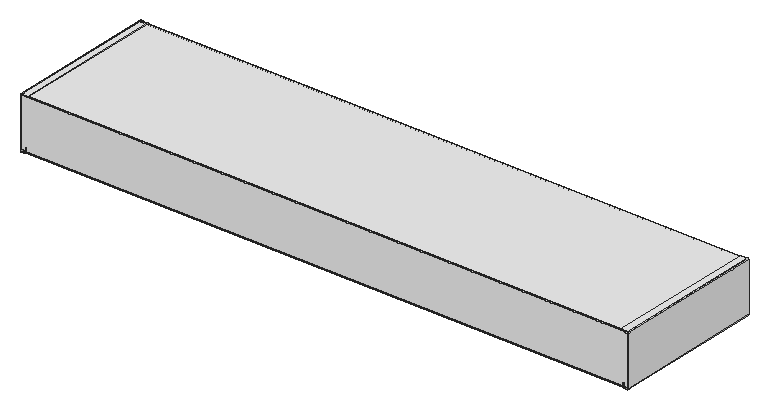
Revit family "LSTG 1x4", category Lighting Fixtures, host Ceiling, Revit 2019
Family settings
  Host = Ceiling
  Round Connector Dimension = Use Diameter
  Part Type = Normal
  OmniClass Number = 23.80.70.11.14.17
  OmniClass Title = Direct/Indirect
  Always vertical = Yes
  Cut with Voids When Loaded = No
  Light Source = Yes
  Shared = No
  Room Calculation Point = No
Parameters (values of type "LSTG1x4-LED840K040LUNV")
  Width = 0' - 11 3/4"
  Wattage = 34 W
  built-in parameter 1150110 = 1 (stored number, unit not read)
  Voltage = 120 V
  URL = "https://www.viscor.com/en/products/lstg"
  built-in parameter 1114217 = 0.9 (stored number, unit not read)
  Tilt Angle = 90.00°
  built-in parameter 1150109 = 1 (stored number, unit not read)
  built-in parameter 1150134 = 12
  built-in parameter 1150113 = 1 (stored number, unit not read)
  Reflector Width = Width / 2  # 0' - 5 7/8"
  Photometric Web File = "LSTG1x4-LED840K040LUNV.IES"
  Model = "LSTG"  # constant formula
  Manufacturer = "VISIONEERING by VISCOR"  # constant formula
  Lumens = 4012 lm
  built-in parameter 1150115 = 1 (stored number, unit not read)
  built-in parameter 1150105 = 319.26 (stored number, unit not read)
  built-in parameter 1150137 = (empty or 0)
  built-in parameter 1150139 = (empty or 0)
  Lens Finish = Acrylic - Viscor - Impact Resistant Frosted White
  Length = 3' - 11 3/4"
  Lamp Wattage = 34 VA
  built-in parameter 1150112 = 1 (stored number, unit not read)
  built-in parameter 1150114 = 1 (stored number, unit not read)
  Lamp = "LED"  # constant formula
  built-in parameter 1150132 = (empty or 0)
  built-in parameter 1150102 = (empty or 0)
  built-in parameter 1150138 = (empty or 0)
  built-in parameter 1150107 = 4000 (stored number, unit not read)
  built-in parameter 1150106 = 3.1926 (stored number, unit not read)
  Housing Finish = Metal - Viscor - White
  Emit from Rectangle Width = Width  # 0' - 11 3/4"
  Emit from Rectangle Length = Length  # 3' - 11 3/4"
  Emit Shape Visible in Rendering = no
  built-in parameter 1150104 = 10.963 (stored number, unit not read)
  Dimming Lamp Color Temperature Shift = <None>
  Description = "LED Surface Type G"  # constant formula
  Color Filter = 16777215
  built-in parameter 1114218 = 1 (stored number, unit not read)
  built-in parameter 1150133 = 10 (stored number, unit not read)
  Assembly Code = "D5020200"
  Apparent Load = Lamp Wattage  # 34 VA
Reference planes (in)
  plane 1 "Light Source Axis (F/B)": y = 0
  plane 2 "Ceiling": z = 96
  plane 3 "Light Source Axis (L/R)": x = 0
  plane 4 "Light Source Elevation": z = 91.71875
  plane 5: y = 5.875
  plane 6: y = -5.875
  plane 7: x = -23.875
  plane 8: x = 23.875
  plane 9: x = -23.8125
  plane 10: x = 23.8125
  plane 11 "FixtureHeight": z = 91.845
  plane 12: x = -23.625
  plane 13: x = 23.625
  plane 14: y = 5.438
  plane 15: y = -5.438
  plane 16: x = -23.438
  plane 17: x = 23.438
Forms (in)
  Extrusion 1, solid, material "Metal - Viscor - White" <- "Housing Finish"
    sketch origin (0, 0, 0) x (1, 0, 0) y (0, 0, 1)
      loop
        line (-23.806, 91.845) -> (-23.507, 91.845)
        arc (-23.507, 91.845) -> (-23.45821, 91.86521) -> (-23.438, 91.914) r 0.069
        line (-23.438, 91.914) -> (-23.438, 92.189) -> (-23.46925, 92.189) -> (-23.46925, 91.914)
        arc (-23.46925, 91.914) -> (-23.48031, 91.88731) -> (-23.507, 91.87625) r 0.03775
        line (-23.507, 91.87625) -> (-23.806, 91.87625)
        arc (-23.806, 91.87625) -> (-23.83269, 91.88731) -> (-23.84375, 91.914) r 0.03775
        line (-23.84375, 91.914) -> (-23.84375, 95.838)
        arc (-23.84375, 95.838) -> (-23.83269, 95.86469) -> (-23.806, 95.87575) r 0.03775
        line (-23.806, 95.87575) -> (-23.25, 95.87575) -> (-23.25, 95.907) -> (-23.806, 95.907)
        arc (-23.806, 95.907) -> (-23.85479, 95.88679) -> (-23.875, 95.838) r 0.069
        line (-23.875, 95.838) -> (-23.875, 91.914)
        arc (-23.875, 91.914) -> (-23.85479, 91.86521) -> (-23.806, 91.845) r 0.069
    from -5.875 to 5.875
  Extrusion 2, solid, material "Metal - Viscor - White" <- "Housing Finish"
    sketch origin (0, 0, 0) x (-1, 0, 0) y (0, 0, -1)
      loop
        arc (-23.806, -91.845) -> (-23.85479, -91.86521) -> (-23.875, -91.914) r 0.069
        line (-23.875, -91.914) -> (-23.875, -95.838)
        arc (-23.875, -95.838) -> (-23.85479, -95.88679) -> (-23.806, -95.907) r 0.069
        line (-23.806, -95.907) -> (-23.25, -95.907) -> (-23.25, -95.87575) -> (-23.806, -95.87575)
        arc (-23.806, -95.87575) -> (-23.83269, -95.86469) -> (-23.84375, -95.838) r 0.03775
        line (-23.84375, -95.838) -> (-23.84375, -91.914)
        arc (-23.84375, -91.914) -> (-23.83269, -91.88731) -> (-23.806, -91.87625) r 0.03775
        line (-23.806, -91.87625) -> (-23.507, -91.87625)
        arc (-23.507, -91.87625) -> (-23.48031, -91.88731) -> (-23.46925, -91.914) r 0.03775
        line (-23.46925, -91.914) -> (-23.46925, -92.189) -> (-23.438, -92.189) -> (-23.438, -91.914)
        arc (-23.438, -91.914) -> (-23.45821, -91.86521) -> (-23.507, -91.845) r 0.069
        line (-23.507, -91.845) -> (-23.806, -91.845)
    from -5.875 to 5.875
  Extrusion 3, solid, material "Metal - Viscor - White" <- "Housing Finish"
    sketch origin (0, 0, 0) x (0, 1, 0) y (0, 0, 1)
      loop
        line (5.50687, 91.875) -> (5.80687, 91.875)
        arc (5.80687, 91.875) -> (5.85163, 91.89149) -> (5.875, 91.93306) r 0.069
        line (5.875, 91.93306) -> (5.875, 95.81694)
        arc (5.875, 95.81694) -> (5.85163, 95.85851) -> (5.80687, 95.875) r 0.069
        line (5.80687, 95.875) -> (-5.80513, 95.875)
        arc (-5.80513, 95.875) -> (-5.85392, 95.85479) -> (-5.87413, 95.806) r 0.069
        line (-5.87413, 95.806) -> (-5.875, 91.944)
        arc (-5.875, 91.944) -> (-5.85392, 91.89521) -> (-5.80513, 91.875) r 0.069
        line (-5.80513, 91.875) -> (-5.50513, 91.875)
        arc (-5.50513, 91.875) -> (-5.45634, 91.89521) -> (-5.43613, 91.944) r 0.069
        line (-5.43613, 91.944) -> (-5.43613, 92.616)
        arc (-5.43613, 92.616) -> (-5.4247, 92.64358) -> (-5.39713, 92.655) r 0.039
        line (-5.39713, 92.655) -> (-4.85013, 92.655) -> (-4.85013, 92.68625) -> (-5.39713, 92.68625)
        arc (-5.39713, 92.68625) -> (-5.4468, 92.66567) -> (-5.46738, 92.616) r 0.07025
        line (-5.46738, 92.616) -> (-5.46738, 91.944)
        arc (-5.46738, 91.944) -> (-5.47843, 91.91731) -> (-5.50513, 91.90625) r 0.03775
        line (-5.50513, 91.90625) -> (-5.80513, 91.90625)
        arc (-5.80513, 91.90625) -> (-5.83182, 91.91731) -> (-5.84288, 91.944) r 0.03775
        line (-5.84288, 91.944) -> (-5.84375, 95.80595)
        arc (-5.84375, 95.80595) -> (-5.83179, 95.83261) -> (-5.80513, 95.84365) r 0.0377
        line (-5.80513, 95.84365) -> (5.80666, 95.84365)
        arc (5.80666, 95.84365) -> (5.83318, 95.83267) -> (5.84417, 95.80615) r 0.0375
        line (5.84417, 95.80615) -> (5.84417, 91.94985)
        arc (5.84417, 91.94985) -> (5.83556, 91.91946) -> (5.80687, 91.90625) r 0.03775
        line (5.80687, 91.90625) -> (5.50687, 91.90625)
        arc (5.50687, 91.90625) -> (5.48018, 91.91731) -> (5.46912, 91.944) r 0.03775
        line (5.46912, 91.944) -> (5.46912, 92.616)
        arc (5.46912, 92.616) -> (5.44855, 92.66567) -> (5.39887, 92.68625) r 0.07025
        line (5.39887, 92.68625) -> (4.85188, 92.68625) -> (4.85188, 92.655) -> (5.39887, 92.655)
        arc (5.39887, 92.655) -> (5.42645, 92.64358) -> (5.43787, 92.616) r 0.039
        line (5.43787, 92.616) -> (5.43787, 91.944)
        arc (5.43787, 91.944) -> (5.45808, 91.89521) -> (5.50687, 91.875) r 0.069
    from -23.8125 to 23.8125
  Extrusion 4, solid, material "Metal - Viscor - White" <- "Housing Finish"
    sketch origin (0, 0, 91.845) x (0, 1, 0) y (-1, 0, 0)
      loop
        line (-5.3755, 23.3755) -> (-5.3755, -23.3755) -> (5.3755, -23.3755) -> (5.3755, 23.3755) -> (-5.3755, 23.3755)
      loop
        line (-4.8755, 22.8755) -> (-4.8755, -22.8755) -> (4.8755, -22.8755) -> (4.8755, 22.8755) -> (-4.8755, 22.8755)
    from 0 to 0.4375
  Extrusion 5, solid, material "Metal - Viscor - White" <- "Housing Finish"
    sketch origin (0, 0, 0) x (0, 1, 0) y (0, 0, 1)
      loop
        line (2.4138, 94.398) -> (1.62587, 94.398) -> (1.62587, 93.898) -> (-1.62413, 93.898) -> (-1.62413, 94.398) -> (-2.41206, 94.398) -> (-4.04209, 93.523) -> (-4.94213, 92.273) -> (-4.94213, 91.898) -> (4.94387, 91.898) -> (4.94387, 92.273) -> (4.04383, 93.523) -> (2.4138, 94.398)
    from -23.625 to -23.438
  Extrusion 6, solid, material "Metal - Viscor - White" <- "Housing Finish"
    sketch origin (0, 0, 0) x (0, 1, 0) y (0, 0, -1)
      loop
        line (2.4138, -94.398) -> (4.04383, -93.523) -> (4.94387, -92.273) -> (4.94387, -91.898) -> (-4.94213, -91.898) -> (-4.94213, -92.273) -> (-4.04209, -93.523) -> (-2.41206, -94.398) -> (-1.62413, -94.398) -> (-1.62413, -93.898) -> (1.62587, -93.898) -> (1.62587, -94.398) -> (2.4138, -94.398)
    from -23.625 to -23.438
  Extrusion 7, solid, material "Metal - Viscor - White" <- "Housing Finish"
    sketch origin (0, 0, 0) x (0, 1, 0) y (0, 0, 1)
      loop
        line (2.07587, 92.032) -> (2.39505, 92.032)
        arc (2.39505, 92.032) -> (2.43653, 92.04793) -> (2.45671, 92.08752) r 0.062
        line (2.45671, 92.08752) -> (2.52279, 92.71623)
        arc (2.52279, 92.71623) -> (2.50931, 92.76173) -> (2.46761, 92.78437) r 0.062
        line (2.46761, 92.78437) -> (2.23986, 92.80831)
        arc (2.23986, 92.80831) -> (2.20496, 92.84584) -> (2.23738, 92.88554) r 0.039
        line (2.23738, 92.88554) -> (2.46873, 92.92503) -> (2.46347, 92.95583) -> (2.23212, 92.91634)
        arc (2.23212, 92.91634) -> (2.17373, 92.84484) -> (2.2366, 92.77723) r 0.07025
        line (2.2366, 92.77723) -> (2.46434, 92.75329)
        arc (2.46434, 92.75329) -> (2.48502, 92.74206) -> (2.49171, 92.7195) r 0.03075
        line (2.49171, 92.7195) -> (2.42563, 92.09079)
        arc (2.42563, 92.09079) -> (2.41562, 92.07115) -> (2.39505, 92.06325) r 0.03075
        line (2.39505, 92.06325) -> (2.07587, 92.06325) -> (2.07587, 92.032)
    from -23.438 to 23.438
  Extrusion 8, solid, material "Metal - Viscor - White" <- "Housing Finish"
    sketch origin (0, 0, 0) x (0, -1, 0) y (0, 0, -1)
      loop
        line (2.07587, -92.032) -> (2.07587, -92.06325) -> (2.39505, -92.06325)
        arc (2.39505, -92.06325) -> (2.41562, -92.07115) -> (2.42563, -92.09079) r 0.03075
        line (2.42563, -92.09079) -> (2.49171, -92.7195)
        arc (2.49171, -92.7195) -> (2.48502, -92.74206) -> (2.46434, -92.75329) r 0.03075
        line (2.46434, -92.75329) -> (2.2366, -92.77723)
        arc (2.2366, -92.77723) -> (2.17373, -92.84484) -> (2.23212, -92.91634) r 0.07025
        line (2.23212, -92.91634) -> (2.46347, -92.95583) -> (2.46873, -92.92503) -> (2.23738, -92.88554)
        arc (2.23738, -92.88554) -> (2.20496, -92.84584) -> (2.23986, -92.80831) r 0.039
        line (2.23986, -92.80831) -> (2.46761, -92.78437)
        arc (2.46761, -92.78437) -> (2.50931, -92.76173) -> (2.52279, -92.71623) r 0.062
        line (2.52279, -92.71623) -> (2.45671, -92.08752)
        arc (2.45671, -92.08752) -> (2.43653, -92.04793) -> (2.39505, -92.032) r 0.062
        line (2.39505, -92.032) -> (2.07587, -92.032)
    from -23.438 to 23.438
  Extrusion 9, solid, material "Acrylic - Viscor - Impact Resistant Frosted White" <- "Lens Finish"
    sketch origin (0, 0, 0) x (0, 1, 0) y (0, 0, 1)
      loop
        line (2.23577, 92.85653) -> (5.16396, 91.96125) -> (5.17566, 91.9995) -> (2.24746, 92.89478) -> (2.23577, 92.85653)
    from -23.438 to 23.438
  Extrusion 10, solid, material "Acrylic - Viscor - Impact Resistant Frosted White" <- "Lens Finish"
    sketch origin (0, 0, 0) x (0, -1, 0) y (0, 0, -1)
      loop
        line (2.23577, -92.85653) -> (2.24746, -92.89478) -> (5.17566, -91.9995) -> (5.16396, -91.96125) -> (2.23577, -92.85653)
    from -23.438 to 23.438
  Extrusion 11, solid, material "Acrylic - Viscor - Impact Resistant Frosted White" <- "Lens Finish"
    sketch origin (0, 0, 0) x (0, 1, 0) y (0, 0, 1)
      loop
        line (2.37587, 92.062) -> (2.37587, 92.102) -> (-2.37413, 92.102) -> (-2.37413, 92.062) -> (2.37587, 92.062)
    from -23.438 to 23.438
Dimensions and locks (in)
  equal spacing: host sketch curve, plane 3 "Light Source Axis (L/R)", host sketch curve
  equal spacing: host sketch curve, plane 1 "Light Source Axis (F/B)", host sketch curve
  host sketch curve to host sketch curve = 10' - 0"  (x2)
  equal spacing: plane 7, plane 3 "Light Source Axis (L/R)", plane 8
  "Length": plane 7 to plane 8
  equal spacing: plane 5, plane 1 "Light Source Axis (F/B)", plane 6
  "Width": plane 5 to plane 6
  plane 4 "Light Source Elevation" to plane 2 "Ceiling" = 0' - 4 9/32"
  locked: plane 7 to plane 9 at 0.0625
  locked: plane 10 to plane 8 at 0.0625
  locked: plane 2 "Ceiling" to plane 11 "FixtureHeight" at 4.155
  locked: plane 7 to plane 12 at 0.25
  locked: plane 13 to plane 8 at 0.25
  locked: plane 5 to plane 14 at 0.437
  plane 6 to plane 15 = 0' - 0.437"
  locked: plane 15 to plane 6 at 0.437
  plane 7 to plane 16 to plane 3 "Light Source Axis (L/R)" = 0' - 0.437", 1' - 11.438"
  locked: plane 7 to plane 16 at 0.437
  locked: plane 17 to plane 8 at 0.437
  aligned and locked: plane 3 "Light Source Axis (L/R)" to imposter light
  aligned and locked: plane 1 "Light Source Axis (F/B)" to imposter light
  aligned and locked: plane 4 "Light Source Elevation" to imposter light
  aligned and locked: plane 5 to Extrusion 1
  aligned and locked: Extrusion 1 to plane 6
  aligned and locked: plane 5 to Extrusion 2
  aligned and locked: Extrusion 2 to plane 6
  aligned and locked: Extrusion 3 to plane 9
  aligned and locked: plane 10 to Extrusion 3
  aligned and locked: Extrusion 5 to plane 12
  aligned and locked: plane 16 to Extrusion 5
  aligned and locked: plane 13 to Extrusion 6
  aligned and locked: Extrusion 6 to plane 17
  aligned and locked: Extrusion 7 to plane 16
  aligned and locked: plane 17 to Extrusion 7
  aligned and locked: Extrusion 8 to plane 16
  aligned and locked: plane 17 to Extrusion 8
  aligned and locked: Extrusion 9 to plane 16
  aligned and locked: plane 17 to Extrusion 9
  aligned and locked: Extrusion 10 to plane 16
  aligned and locked: plane 17 to Extrusion 10
  aligned and locked: Extrusion 11 to plane 16
  aligned and locked: plane 17 to Extrusion 11
Automatic sketch dimensions
  Extrusion 1 sketch curve to Extrusion 1 sketch curve = 0' - 0"  (x6)
  Extrusion 1 sketch curve to plane 7 = 0' - 0"
  Extrusion 1 sketch curve to plane 11 "FixtureHeight" = 0' - 0"
  Extrusion 1 sketch curve to plane 16 = 0' - 0"
  plane 7 to Extrusion 1 sketch curve = 0' - 0 1/32"
  plane 9 to Extrusion 1 sketch curve = 0' - 0.0065"  (x2)
  Extrusion 1 sketch curve to Extrusion 1 sketch curve = 0' - 0.03775"
  plane 16 to Extrusion 1 sketch curve = 0' - 0.188"
  Extrusion 1 sketch curve to Extrusion 1 sketch curve = 0' - 0.275"
  Extrusion 1 sketch curve to plane 2 "Ceiling" = 0' - 0.162"
  Extrusion 2 sketch curve to Extrusion 2 sketch curve = 0' - 0"  (x6)
  Extrusion 2 sketch curve to plane 8 = 0' - 0"
  Extrusion 2 sketch curve to plane 11 "FixtureHeight" = 0' - 0"
  Extrusion 2 sketch curve to plane 17 = 0' - 0"
  plane 8 to Extrusion 2 sketch curve = 0' - 0 1/32"
  plane 10 to Extrusion 2 sketch curve = 0' - 0.0065"  (x2)
  Extrusion 2 sketch curve to Extrusion 2 sketch curve = 0' - 0.03775"
  plane 17 to Extrusion 2 sketch curve = 0' - 0.188"
  Extrusion 2 sketch curve to Extrusion 2 sketch curve = 0' - 0.275"
  plane 2 "Ceiling" to Extrusion 2 sketch curve = 0' - 0.162"
  Extrusion 3 sketch curve to Extrusion 3 sketch curve = 0' - 0"  (x17)
  Extrusion 3 sketch curve to plane 6 = 0' - 0"
  Extrusion 3 sketch curve to plane 5 = 0' - 0"
  plane 6 to Extrusion 3 sketch curve = 0' - 0.06987"
  Extrusion 3 sketch curve to Extrusion 3 sketch curve = 0' - 0.06987"
  plane 11 "FixtureHeight" to Extrusion 3 sketch curve = 0' - 0.03"  (x2)
  Extrusion 3 sketch curve to plane 15 = 0' - 0.06713"
  Extrusion 3 sketch curve to plane 15 = 0' - 0.02938"
  plane 15 to Extrusion 3 sketch curve = 0' - 0.00187"
  Extrusion 3 sketch curve to Extrusion 3 sketch curve = 0' - 0.039"
  Extrusion 3 sketch curve to Extrusion 3 sketch curve = 0' - 0.54699"
  Extrusion 3 sketch curve to plane 14 = 0' - 0.58612"
  Extrusion 3 sketch curve to plane 14 = 0' - 0.03913"
  Extrusion 3 sketch curve to plane 14 = 0' - 0.00013"
  plane 14 to Extrusion 3 sketch curve = 0' - 0.03112"
  Extrusion 3 sketch curve to Extrusion 3 sketch curve = 0' - 0.03775"  (x2)
  Extrusion 3 sketch curve to plane 5 = 0' - 0.06834"
  Extrusion 3 sketch curve to plane 5 = 0' - 0.06813"
  Extrusion 3 sketch curve to Extrusion 3 sketch curve = 0' - 0.00021"
  Extrusion 3 sketch curve to plane 5 = 0' - 0.03083"
  Extrusion 3 sketch curve to Extrusion 3 sketch curve = 0' - 0.02681"
  Extrusion 3 sketch curve to Extrusion 3 sketch curve = 0' - 0.672"  (x2)
  Extrusion 3 sketch curve to plane 2 "Ceiling" = 0' - 0.19405"
  Extrusion 3 sketch curve to plane 2 "Ceiling" = 0' - 0.194"
  Extrusion 3 sketch curve to Extrusion 3 sketch curve = 0' - 0.00005"
  Extrusion 3 sketch curve to Extrusion 3 sketch curve = 0' - 0.00015"
  Extrusion 3 sketch curve to Extrusion 3 sketch curve = 0' - 0.01079"
  Extrusion 3 sketch curve to Extrusion 3 sketch curve = 0' - 0.00092"
  plane 15 to Extrusion 4 sketch curve = 0' - 0 1/16"
  plane 15 to Extrusion 4 sketch curve = 0' - 0 9/16"
  Extrusion 4 sketch curve to plane 14 = 0' - 0 9/16"
  Extrusion 4 sketch curve to plane 14 = 0' - 0 1/16"
  Extrusion 4 sketch curve to plane 17 = 0' - 0 1/16"
  Extrusion 4 sketch curve to plane 17 = 0' - 0 9/16"
  plane 16 to Extrusion 4 sketch curve = 0' - 0 9/16"
  plane 16 to Extrusion 4 sketch curve = 0' - 0 1/16"
  plane 11 "FixtureHeight" to Extrusion 5 sketch curve = 0' - 0.053"
  plane 15 to Extrusion 5 sketch curve = 0' - 0.49587"
  plane 15 to Extrusion 5 sketch curve = 0' - 1.39591"
  Extrusion 5 sketch curve to Extrusion 5 sketch curve = 0' - 1.63003"
  Extrusion 5 sketch curve to Extrusion 5 sketch curve = 0' - 0.78793"  (x2)
  Extrusion 5 sketch curve to plane 1 "Light Source Axis (F/B)" = 0' - 1.62587"
  Extrusion 5 sketch curve to plane 14 = 0' - 1.39417"
  Extrusion 5 sketch curve to plane 14 = 0' - 0.49413"
  Extrusion 5 sketch curve to Extrusion 5 sketch curve = 0' - 0 3/8"  (x2)
  Extrusion 5 sketch curve to Extrusion 5 sketch curve = 0' - 1 1/4"  (x2)
  plane 11 "FixtureHeight" to Extrusion 5 sketch curve = 0' - 2.053"
  Extrusion 5 sketch curve to Extrusion 5 sketch curve = 0' - 0 1/2"  (x2)
  plane 11 "FixtureHeight" to Extrusion 6 sketch curve = 0' - 0.053"
  plane 15 to Extrusion 6 sketch curve = 0' - 0.49587"
  plane 15 to Extrusion 6 sketch curve = 0' - 1.39591"
  Extrusion 6 sketch curve to Extrusion 6 sketch curve = 0' - 1.63003"
  Extrusion 6 sketch curve to Extrusion 6 sketch curve = 0' - 0.78793"  (x2)
  Extrusion 6 sketch curve to plane 1 "Light Source Axis (F/B)" = 0' - 1.62587"
  Extrusion 6 sketch curve to plane 14 = 0' - 1.39417"
  Extrusion 6 sketch curve to plane 14 = 0' - 0.49413"
  Extrusion 6 sketch curve to Extrusion 6 sketch curve = 0' - 0 3/8"  (x2)
  Extrusion 6 sketch curve to Extrusion 6 sketch curve = 0' - 1 1/4"  (x2)
  plane 11 "FixtureHeight" to Extrusion 6 sketch curve = 0' - 2.053"
  Extrusion 6 sketch curve to Extrusion 6 sketch curve = 0' - 0 1/2"  (x2)
  Extrusion 7 sketch curve to Extrusion 7 sketch curve = 0' - 0"  (x6)
  plane 11 "FixtureHeight" to Extrusion 7 sketch curve = 0' - 0.187"
  Extrusion 7 sketch curve to plane 1 "Light Source Axis (F/B)" = 0' - 2.07587"
  plane 11 "FixtureHeight" to Extrusion 7 sketch curve = 0' - 1.07134"
  Extrusion 7 sketch curve to Extrusion 7 sketch curve = 0' - 0 5/32"
  plane 11 "FixtureHeight" to Extrusion 7 sketch curve = 0' - 0.93223"
  Extrusion 7 sketch curve to Extrusion 7 sketch curve = 0' - 0.00448"
  Extrusion 7 sketch curve to Extrusion 7 sketch curve = 0' - 0.00526"
  Extrusion 7 sketch curve to Extrusion 7 sketch curve = 0' - 0.00327"  (x2)
  Extrusion 7 sketch curve to Extrusion 7 sketch curve = 0' - 0.00408"
  Extrusion 7 sketch curve to Extrusion 7 sketch curve = 0' - 0.31917"
  plane 11 "FixtureHeight" to Extrusion 7 sketch curve = 0' - 0.24579"
  Extrusion 7 sketch curve to Extrusion 7 sketch curve = 0' - 0.03058"  (x2)
  plane 11 "FixtureHeight" to Extrusion 7 sketch curve = 0' - 0.24252"
  Extrusion 7 sketch curve to Extrusion 7 sketch curve = 0' - 0.03108"
  Extrusion 7 sketch curve to Extrusion 7 sketch curve = 0' - 0.22453"
  plane 11 "FixtureHeight" to Extrusion 7 sketch curve = 0' - 1.11083"
  Extrusion 7 sketch curve to Extrusion 7 sketch curve = 0' - 0.00235"
  plane 11 "FixtureHeight" to Extrusion 7 sketch curve = 0' - 0.90829"
  Extrusion 7 sketch curve to Extrusion 7 sketch curve = 0' - 0.00321"
  plane 11 "FixtureHeight" to Extrusion 7 sketch curve = 0' - 0.93937"
  plane 11 "FixtureHeight" to Extrusion 7 sketch curve = 0' - 1.08003"
  plane 11 "FixtureHeight" to Extrusion 7 sketch curve = 0' - 0.8745"
  plane 11 "FixtureHeight" to Extrusion 7 sketch curve = 0' - 0.87123"
  Extrusion 8 sketch curve to Extrusion 8 sketch curve = 0' - 0"  (x6)
  Extrusion 8 sketch curve to plane 11 "FixtureHeight" = 0' - 0.187"
  Extrusion 8 sketch curve to plane 1 "Light Source Axis (F/B)" = 0' - 2.07587"
  Extrusion 8 sketch curve to plane 11 "FixtureHeight" = 0' - 1.07134"
  Extrusion 8 sketch curve to Extrusion 8 sketch curve = 0' - 0 5/32"
  Extrusion 8 sketch curve to plane 11 "FixtureHeight" = 0' - 0.93223"
  Extrusion 8 sketch curve to Extrusion 8 sketch curve = 0' - 0.00448"
  Extrusion 8 sketch curve to Extrusion 8 sketch curve = 0' - 0.00526"
  Extrusion 8 sketch curve to Extrusion 8 sketch curve = 0' - 0.00327"  (x2)
  Extrusion 8 sketch curve to Extrusion 8 sketch curve = 0' - 0.00408"
  Extrusion 8 sketch curve to Extrusion 8 sketch curve = 0' - 0.31917"
  Extrusion 8 sketch curve to plane 11 "FixtureHeight" = 0' - 0.24579"
  Extrusion 8 sketch curve to Extrusion 8 sketch curve = 0' - 0.03058"  (x2)
  Extrusion 8 sketch curve to plane 11 "FixtureHeight" = 0' - 0.24252"
  Extrusion 8 sketch curve to Extrusion 8 sketch curve = 0' - 0.03108"
  Extrusion 8 sketch curve to Extrusion 8 sketch curve = 0' - 0.22453"
  Extrusion 8 sketch curve to plane 11 "FixtureHeight" = 0' - 1.11083"
  Extrusion 8 sketch curve to Extrusion 8 sketch curve = 0' - 0.00235"
  Extrusion 8 sketch curve to plane 11 "FixtureHeight" = 0' - 0.90829"
  Extrusion 8 sketch curve to Extrusion 8 sketch curve = 0' - 0.00321"
  Extrusion 8 sketch curve to plane 11 "FixtureHeight" = 0' - 0.93937"
  Extrusion 8 sketch curve to plane 11 "FixtureHeight" = 0' - 1.08003"
  Extrusion 8 sketch curve to plane 11 "FixtureHeight" = 0' - 0.8745"
  Extrusion 8 sketch curve to plane 11 "FixtureHeight" = 0' - 0.87123"
  plane 11 "FixtureHeight" to Extrusion 9 sketch curve = 0' - 1.01153"
  Extrusion 9 sketch curve to plane 1 "Light Source Axis (F/B)" = 0' - 2.23577"
  plane 11 "FixtureHeight" to Extrusion 9 sketch curve = 0' - 1.04978"
  Extrusion 9 sketch curve to Extrusion 9 sketch curve = 0' - 0.0117"
  plane 11 "FixtureHeight" to Extrusion 9 sketch curve = 0' - 0.11625"
  Extrusion 10 sketch curve to plane 11 "FixtureHeight" = 0' - 1.01153"
  Extrusion 10 sketch curve to plane 1 "Light Source Axis (F/B)" = 0' - 2.23577"
  Extrusion 10 sketch curve to plane 11 "FixtureHeight" = 0' - 1.04978"
  Extrusion 10 sketch curve to Extrusion 10 sketch curve = 0' - 0.0117"
  Extrusion 10 sketch curve to plane 11 "FixtureHeight" = 0' - 0.11625"
  plane 11 "FixtureHeight" to Extrusion 11 sketch curve = 0' - 0.217"
  plane 1 "Light Source Axis (F/B)" to Extrusion 11 sketch curve = 0' - 2.37413"
  plane 11 "FixtureHeight" to Extrusion 11 sketch curve = 0' - 0.257"
  Extrusion 11 sketch curve to plane 1 "Light Source Axis (F/B)" = 0' - 2.37587"
Connectors (in)
  electrical at (0, 0, 91.71875), driven by "Voltage", driven by "Apparent Load"
    settings: index 1, voltage 120 V, apparent load 0 VA, apparent load phase1 34 VA, apparent load phase2 0 VA, apparent load phase3 0 VA, power factor 1, load classification "Other", number of poles 1, system type 31, power factor state 1, is connector primary yes, connector utility no, sub classification motor no, connector description ""
